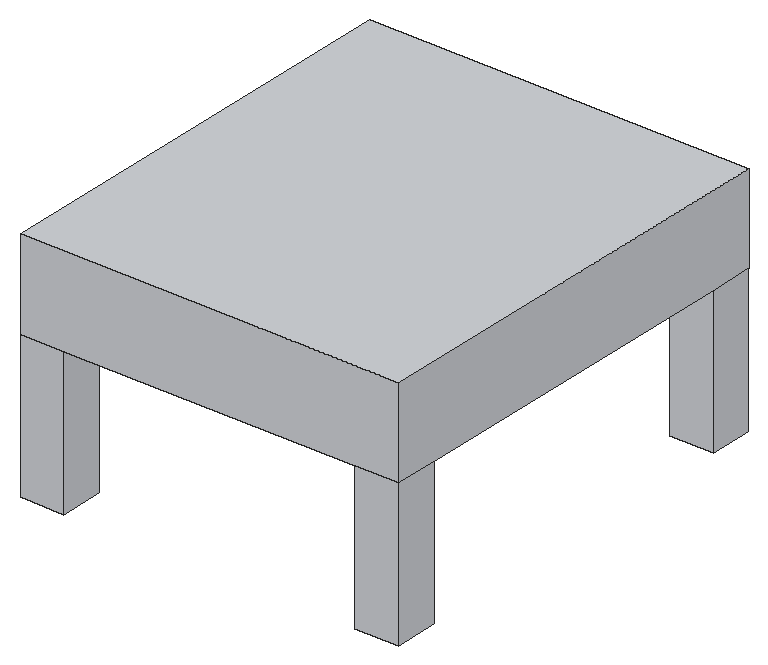
Revit family
Parameters
  Profondità = 3000 mm
  Larghezza = 2600 mm
  Gambe = 300 mm
  Distanza Asse 2 = Profondità / 2  # 1500 mm
  Distanza Asse 1 = Larghezza / 2  # 1300 mm
Reference planes
  plane 1 "Centro (Fronte/Retro)": y = 0
  plane 2: z = 0
  plane 3 "Centro (Sinistra/Destra)": x = 0
  plane 4: y = 1287.703
  plane 5: y = -1712.297
  plane 6: x = 2800
  plane 7: x = 200
  plane 8: z = 620
  plane 9: x = 1500
  plane 10: y = -212.297
  plane 11: x = 500
  plane 12: x = 2500
  plane 13: y = 987.703
  plane 14: y = -1412.297
Forms (mm)
  Extrusion 1, solid
    sketch origin (0, 0, 0) x (1, 0, 0) y (0, 1, 0)
      loop
        line (200, 1287.703) -> (200, -1712.297) -> (2800, -1712.297) -> (2800, 1287.703) -> (200, 1287.703)
    from 0 to 620
  Extrusion 2, solid
    sketch origin (0, 0, 0) x (1, 0, 0) y (0, 1, 0)
      loop
        line (200, 1287.703) -> (200, 987.703) -> (500, 987.703) -> (500, 1287.703) -> (200, 1287.703)
      loop
        line (2500, 1287.703) -> (2500, 987.703) -> (2800, 987.703) -> (2800, 1287.703) -> (2500, 1287.703)
      loop
        line (2500, -1412.297) -> (2500, -1712.297) -> (2800, -1712.297) -> (2800, -1412.297) -> (2500, -1412.297)
      loop
        line (200, -1412.297) -> (200, -1712.297) -> (500, -1712.297) -> (500, -1412.297) -> (200, -1412.297)
    from 0 to -1000
Dimensions and locks
  "Larghezza": plane 7 to plane 6
  "Profondità": plane 4 to plane 5
  "Distanza Asse 1": plane 7 to plane 9
  "Distanza Asse 2": plane 10 to plane 5
  "Gambe": plane 7 to plane 11
  "Gambe": plane 4 to plane 13
  "Gambe": plane 14 to plane 5
  "Gambe": plane 12 to plane 6
  aligned and locked: plane 4 to Extrusion 1
  aligned and locked: plane 6 to Extrusion 1
  aligned and locked: Extrusion 1 to plane 5
  aligned and locked: Extrusion 1 to plane 7
  aligned and locked: plane 8 to Extrusion 1
  aligned and locked: Extrusion 2 sketch curve to plane 4  (x2)
  aligned and locked: Extrusion 2 sketch curve to plane 11  (x2)
  aligned and locked: plane 13 to Extrusion 2 sketch curve  (x2)
  aligned and locked: plane 7 to Extrusion 2 sketch curve  (x2)
  aligned and locked: plane 12 to Extrusion 2 sketch curve  (x2)
  aligned and locked: Extrusion 2 sketch curve to plane 6  (x2)
  aligned and locked: Extrusion 2 sketch curve to plane 14  (x2)
  aligned and locked: plane 5 to Extrusion 2 sketch curve  (x2)
Automatic sketch dimensions
  Extrusion 1 sketch curve to plane 5 = 0 mm
  Extrusion 1 sketch curve to plane 7 = 0 mm
  Extrusion 1 sketch curve to plane 6 = 0 mm
  Extrusion 1 sketch curve to plane 4 = 0 mm
